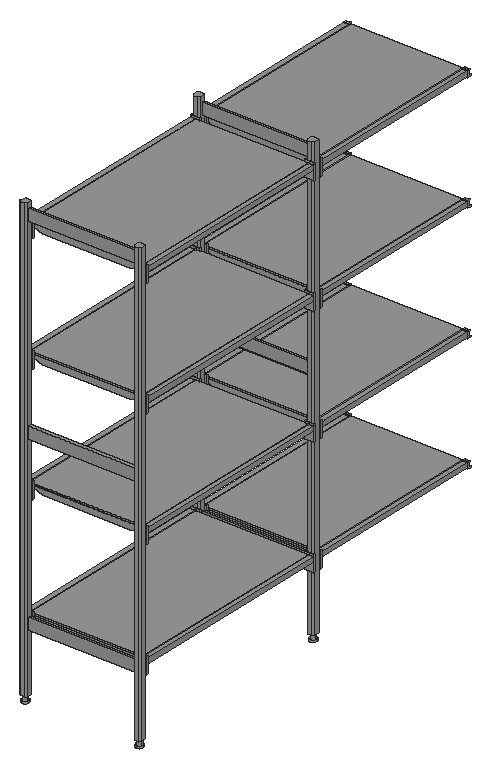
Revit family "QF_ELECTROLUXPROFESSIONAL_137079_CLS1574", category Attrezzature speciali, Revit 2020
Family settings
  Quota connettore circolare = Usa diametro
  Tipo di parte = Normale
  Basato su piano di lavoro = No
  Sempre verticale = Sì
  Taglio con vuoti quando caricato = No
  Condiviso = No
  Punto di calcolo locali = No
Parameters (values of type "Standard")
  Weight = 30.00 kg
  Watts = 0 W
  Volts = 0 V
  URL Manufacturer = "https://www.electroluxprofessional.com/"
  URL = "https://www.electroluxprofessional.com/"
  Steam Supply Size = 0 mm
  Steam Supply Minimum Pressure = 0.0 Pa
  Steam Supply Maximum Pressure = 0.0 Pa
  Steam Consumption per Hour = 0
  Refrigeration Suction Line Size = 0.0 mm
  Refrigeration Liquid Line Size = 0.0 mm
  Refrigerant Compressor Remote = yes
  Prospetto di default = 0.0 mm
  Phase = 0
  Modello = "CLS1574"
  Produttore = "Electrolux Professional"
  Length Actual = 1578.0 mm  # constant formula
  Item Number = "137079"
  Hot Water Size = 0 mm
  Height Actual = 1700.0 mm  # constant formula
  HP = "0 HP"
  Gas Size = 0 mm
  Gas KW = 0
  Gas Input Pressure = 0 W
  Direct Waste Size = 0 mm
  Descrizione = "ALUM.CORNER SHELV.-POLY.TIERS-475X1578MM"
  Depth Actual = 475.0 mm  # constant formula
  Cycle = 0 Hz
  Condensate Return Size = 0 mm
  Compressed Air Volume = 0.0 L/s
  Compressed Air Size = 0 mm
  Compressed Air Pressure = 0.0 Pa
  Cold Water Size = 0 mm
  Accessory = yes
Reference planes
  plane 1: z = 0
  plane 2 "CenterLeft": y = -535.5
  plane 3 "FRONT": y = -921.5
  plane 4 "LEFT": x = 192.5
  plane 5 "RIGHT": x = 667.5
  plane 6 "TOP": z = 1700
  plane 7: y = -889.5
  plane 8: y = -91.5
  plane 9 "Center (Left/Back)": x = 430
  plane 10: x = 256
  plane 11: x = 668
  plane 12 "FEET": z = 25
  plane 13: z = 275
  plane 14: z = 725
  plane 15: z = 1175
  plane 16: z = 1625
  plane 17 "CXLeft": y = -907.5
  plane 18 "Center (Front/Back)": y = -73.5
  plane 19 "CYFront": x = 510
  plane 20: y = 652.5
  plane 21: y = -55.5
  plane 22 "BACK": y = 656.5
  plane 23 "LEFT_ORIGIN": x = 158.5
  plane 24 "BACK_ORIGIN": y = 1131.5
Forms (mm)
  Extrusion 1, solid, material "QF_Aluminum"
    sketch origin (38.022, -921.5, -4.006) x (-1, 0, 0) y (0, 0, 1)
      loop
        line (-189.5, 1637.003) -> (-173.5, 1637.003) -> (-173.5, 1655) -> (-175.493, 1655) -> (-175.493, 1648.501) -> (-608.5, 1648.501) -> (-608.5, 1655) -> (-610.5, 1655) -> (-610.5, 1637.003) -> (-594.5, 1637.003) -> (-560.5, 1625) -> (-223.5, 1625) -> (-189.5, 1637.003)
      loop
        line (-189.5, 1187.003) -> (-173.5, 1187.003) -> (-173.5, 1205) -> (-175.493, 1205) -> (-175.493, 1198.501) -> (-608.5, 1198.501) -> (-608.5, 1205) -> (-610.5, 1205) -> (-610.5, 1187.003) -> (-594.5, 1187.003) -> (-560.5, 1175) -> (-223.5, 1175) -> (-189.5, 1187.003)
      loop
        line (-189.5, 737.003) -> (-173.5, 737.003) -> (-173.5, 755) -> (-175.493, 755) -> (-175.493, 748.501) -> (-608.5, 748.501) -> (-608.5, 755) -> (-610.5, 755) -> (-610.5, 737.003) -> (-594.5, 737.003) -> (-560.5, 725) -> (-223.5, 725) -> (-189.5, 737.003)
      loop
        line (-189.5, 287.003) -> (-173.5, 287.003) -> (-173.5, 305) -> (-175.493, 305) -> (-175.493, 298.501) -> (-608.5, 298.501) -> (-608.5, 305) -> (-610.5, 305) -> (-610.5, 287.003) -> (-594.5, 287.003) -> (-560.5, 275) -> (-223.5, 275) -> (-189.5, 287.003)
    from 37 to 32
  Extrusion 2, solid, material "QF_Aluminum"
    sketch origin (38.022, -921.5, 0) x (-1, 0, 0) y (0, 0, 1)
      loop
        line (-154.478, 246.005) -> (-154.478, 307.993) -> (-190.471, 307.993) -> (-190.471, 246.005) -> (-154.478, 246.005)
      loop
        line (-593.484, 246.005) -> (-593.484, 307.993) -> (-629.478, 307.993) -> (-629.478, 246.005) -> (-593.484, 246.005)
      loop
        line (-154.478, 696.005) -> (-154.478, 757.993) -> (-190.471, 757.993) -> (-190.471, 696.005) -> (-154.478, 696.005)
      loop
        line (-593.484, 696.005) -> (-593.484, 757.993) -> (-629.478, 757.993) -> (-629.478, 696.005) -> (-593.484, 696.005)
      loop
        line (-154.478, 1146.005) -> (-154.478, 1207.993) -> (-190.471, 1207.993) -> (-190.471, 1146.005) -> (-154.478, 1146.005)
      loop
        line (-593.484, 1146.005) -> (-593.484, 1207.993) -> (-629.478, 1207.993) -> (-629.478, 1146.005) -> (-593.484, 1146.005)
      loop
        line (-154.478, 1596.005) -> (-154.478, 1657.993) -> (-190.471, 1657.993) -> (-190.471, 1596.005) -> (-154.478, 1596.005)
      loop
        line (-593.484, 1596.005) -> (-593.484, 1657.993) -> (-629.478, 1657.993) -> (-629.478, 1596.005) -> (-593.484, 1596.005)
    from 28 to 32
  Extrusion 3, solid, material "QF_Aluminum"
    sketch origin (38.022, -921.5, 0) x (-1, 0, 0) y (0, 0, 1)
      loop
        line (-154.5, 1650.994) -> (-173.5, 1650.994) -> (-173.5, 1632.998) -> (-154.5, 1632.998) -> (-154.5, 1650.994)
      loop
        line (-154.5, 1200.994) -> (-173.5, 1200.994) -> (-173.5, 1182.998) -> (-154.5, 1182.998) -> (-154.5, 1200.994)
      loop
        line (-154.5, 750.994) -> (-173.5, 750.994) -> (-173.5, 732.998) -> (-154.5, 732.998) -> (-154.5, 750.994)
      loop
        line (-154.5, 300.994) -> (-173.5, 300.994) -> (-173.5, 282.998) -> (-154.5, 282.998) -> (-154.5, 300.994)
      loop
        line (-629.455, 1650.994) -> (-629.455, 1632.998) -> (-610.455, 1632.998) -> (-610.455, 1650.994) -> (-629.455, 1650.994)
      loop
        line (-629.455, 1200.994) -> (-629.455, 1182.998) -> (-610.455, 1182.998) -> (-610.455, 1200.994) -> (-629.455, 1200.994)
      loop
        line (-629.455, 750.994) -> (-629.455, 732.998) -> (-610.455, 732.998) -> (-610.455, 750.994) -> (-629.455, 750.994)
      loop
        line (-629.455, 300.994) -> (-629.455, 282.998) -> (-610.455, 282.998) -> (-610.455, 300.994) -> (-629.455, 300.994)
    from 32 to 830
  Extrusion 4, solid, material "QF_Polyethylene"
    sketch origin (38.022, -921.5, 0) x (-1, 0, 0) y (0, 0, 1)
      loop
        line (-175.493, 1650.994) -> (-608.5, 1650.994) -> (-608.5, 1644.496) -> (-175.493, 1644.496) -> (-175.493, 1650.994)
      loop
        line (-175.493, 1200.994) -> (-608.5, 1200.994) -> (-608.5, 1194.496) -> (-175.493, 1194.496) -> (-175.493, 1200.994)
      loop
        line (-175.493, 750.994) -> (-608.5, 750.994) -> (-608.5, 744.496) -> (-175.493, 744.496) -> (-175.493, 750.994)
      loop
        line (-175.493, 300.994) -> (-608.5, 300.994) -> (-608.5, 294.496) -> (-175.493, 294.496) -> (-175.493, 300.994)
    from 32 to 830
  Extrusion 5, solid, material "QF_Aluminum"
    sketch origin (38.022, 684.5, 0) x (-1, 0, 0) y (0, 0, 1)
      loop
        line (-154.5, 1650.994) -> (-173.5, 1650.994) -> (-173.5, 1632.998) -> (-154.5, 1632.998) -> (-154.5, 1650.994)
      loop
        line (-610.455, 1650.994) -> (-629.455, 1650.994) -> (-629.455, 1632.998) -> (-610.455, 1632.998) -> (-610.455, 1650.994)
      loop
        line (-154.5, 1200.994) -> (-173.5, 1200.994) -> (-173.5, 1182.998) -> (-154.5, 1182.998) -> (-154.5, 1200.994)
      loop
        line (-610.455, 1200.994) -> (-629.455, 1200.994) -> (-629.455, 1182.998) -> (-610.455, 1182.998) -> (-610.455, 1200.994)
      loop
        line (-154.5, 750.994) -> (-173.5, 750.994) -> (-173.5, 732.998) -> (-154.5, 732.998) -> (-154.5, 750.994)
      loop
        line (-610.455, 750.994) -> (-629.455, 750.994) -> (-629.455, 732.998) -> (-610.455, 732.998) -> (-610.455, 750.994)
      loop
        line (-154.5, 300.994) -> (-173.5, 300.994) -> (-173.5, 282.998) -> (-154.5, 282.998) -> (-154.5, 300.994)
      loop
        line (-610.455, 300.994) -> (-629.455, 300.994) -> (-629.455, 282.998) -> (-610.455, 282.998) -> (-610.455, 300.994)
    from -32 to -740
  Extrusion 6, solid, material "QF_Polyethylene"
    sketch origin (38.022, 684.5, 0) x (-1, 0, 0) y (0, 0, 1)
      loop
        line (-175.493, 1650.994) -> (-608.5, 1650.994) -> (-608.5, 1644.496) -> (-175.493, 1644.496) -> (-175.493, 1650.994)
      loop
        line (-175.493, 1200.994) -> (-608.5, 1200.994) -> (-608.5, 1194.496) -> (-175.493, 1194.496) -> (-175.493, 1200.994)
      loop
        line (-175.493, 750.994) -> (-608.5, 750.994) -> (-608.5, 744.496) -> (-175.493, 744.496) -> (-175.493, 750.994)
      loop
        line (-175.493, 300.994) -> (-608.5, 300.994) -> (-608.5, 294.496) -> (-175.493, 294.496) -> (-175.493, 300.994)
    from -32 to -740
Lines and regions (mm)
  symbolic lines
    curve 1: line (256, -912.5, 1700) -> (668, -912.5, 1700)
    curve 2: line (668, -902.5, 1700) -> (256, -902.5, 1700)
    curve 3: line (192.5, -893.5, 1700) -> (192.5, -87.5, 1700)
    curve 4: line (667.5, -889.5, 1700) -> (667.5, -91.5, 1700)
    curve 5: line (192.5, -59.5, 1700) -> (192.5, 656.5, 1700)
    curve 6: line (667.5, -59.5, 1700) -> (667.5, 656.5, 1700)
    curve 7: line (648.478, -91.5, 1700) -> (648.478, -889.5, 1700)
    curve 8: line (211.522, -889.5, 1700) -> (211.522, -91.5, 1700)
    curve 9: line (211.522, -55.5, 1700) -> (211.522, 652.5, 1700)
    curve 10: line (648.478, 652.5, 1700) -> (648.478, -55.5, 1700)
Dimensions and locks
  plane 3 "FRONT" to plane 2 "CenterLeft" = 386.0 mm
  locked: plane 6 "TOP" to level at 1700
  locked: plane 7 to plane 8 at 798
  locked: plane 10 to plane 11 at 412
  plane 10 to plane 9 "Center (Left/Back)" to plane 11 = 174.0 mm, 238.0 mm
  equal spacing: plane 4 "LEFT", plane 9 "Center (Left/Back)", plane 5 "RIGHT"
  plane 12 "FEET" to level = 25.0 mm
  plane 6 "TOP" to plane 12 "FEET" = 1675.0 mm
  plane 13 to plane 12 "FEET" = 250.0 mm
  plane 14 to plane 13 = 450.0 mm
  plane 15 to plane 14 = 450.0 mm
  plane 16 to plane 15 = 450.0 mm
  locked: plane 21 to plane 20 at 708
  locked: plane 8 to plane 18 "Center (Front/Back)" at 18
  locked: plane 18 "Center (Front/Back)" to plane 21 at 18
  locked: plane 3 "FRONT" to plane 7 at 32
  locked: plane 4 "LEFT" to plane 5 "RIGHT" at 475
  locked: plane 23 "LEFT_ORIGIN" to plane 5 "RIGHT" at 509
  locked: plane 22 "BACK" to plane 24 "BACK_ORIGIN" at 475
  locked: plane 22 "BACK" to plane 3 "FRONT" at 1578
  aligned and locked: level to plane 1
  aligned and locked: Extrusion 1 to plane 7
  aligned and locked: plane 7 to Extrusion 2
  aligned and locked: Extrusion 4 to plane 7
  aligned and locked: plane 8 to Extrusion 4
  aligned and locked: Extrusion 3 to plane 7
  aligned and locked: plane 8 to Extrusion 3
  aligned and locked: Extrusion 1 sketch curve to Extrusion 1 sketch curve  (x3)
  aligned and locked: Extrusion 5 sketch curve to Extrusion 5 sketch curve  (x2)
  aligned and locked: Extrusion 5 to plane 21  (x5)
  aligned and locked: Extrusion 6 to plane 21  (x5)
  aligned and locked: nested 2 to plane 18 "Center (Front/Back)"
  aligned and locked: plane 17 "CXLeft" to nested 1
  aligned and locked: plane 7 to Extrusion 3  (x3)
  aligned and locked: Extrusion 3 to plane 8  (x4)
  aligned and locked: Extrusion 4 to plane 8  (x4)
  aligned and locked: plane 20 to Extrusion 5
  aligned and locked: plane 20 to Extrusion 6
  aligned and locked: Extrusion 5 to plane 20  (x3)
  aligned and locked: Extrusion 6 to plane 20  (x3)
  aligned and locked: plane 9 "Center (Left/Back)" to nested 2
  aligned and locked: nested 3 to plane 22 "BACK"
Automatic sketch dimensions
  Extrusion 1 sketch curve to plane 19 "CYFront" = 138.522 mm  (x4)
  plane 11 to Extrusion 1 sketch curve = 35.478 mm  (x4)
  Extrusion 1 sketch curve to plane 13 = 4.006 mm
  Extrusion 1 sketch curve to Extrusion 1 sketch curve = 34.0 mm  (x4)
  Extrusion 1 sketch curve to plane 14 = 4.006 mm
  Extrusion 1 sketch curve to plane 15 = 4.006 mm
  Extrusion 1 sketch curve to plane 16 = 4.006 mm
  Extrusion 1 sketch curve to plane 10 = 5.522 mm  (x4)
  plane 10 to Extrusion 1 sketch curve = 28.478 mm  (x4)
  plane 13 to Extrusion 1 sketch curve = 7.998 mm  (x2)
  Extrusion 1 sketch curve to Extrusion 1 sketch curve = 11.498 mm  (x4)
  Extrusion 1 sketch curve to Extrusion 1 sketch curve = 6.499 mm  (x8)
  plane 14 to Extrusion 1 sketch curve = 7.998 mm  (x2)
  plane 15 to Extrusion 1 sketch curve = 7.998 mm  (x2)
  plane 16 to Extrusion 1 sketch curve = 7.998 mm  (x2)
  plane 5 "RIGHT" to Extrusion 2 sketch curve = 35.993 mm  (x4)
  Extrusion 2 sketch curve to plane 4 "LEFT" = 0.0 mm  (x4)
  plane 11 to Extrusion 2 sketch curve = 0.5 mm  (x4)
  plane 10 to Extrusion 2 sketch curve = 27.507 mm  (x4)
  Extrusion 2 sketch curve to plane 13 = 28.995 mm  (x2)
  plane 13 to Extrusion 2 sketch curve = 32.993 mm  (x2)
  Extrusion 2 sketch curve to plane 14 = 28.995 mm  (x2)
  plane 14 to Extrusion 2 sketch curve = 32.993 mm  (x2)
  Extrusion 2 sketch curve to plane 15 = 28.995 mm  (x2)
  plane 15 to Extrusion 2 sketch curve = 32.993 mm  (x2)
  Extrusion 2 sketch curve to plane 16 = 28.995 mm  (x2)
  plane 16 to Extrusion 2 sketch curve = 32.993 mm  (x2)
  plane 13 to Extrusion 4 sketch curve = 19.496 mm
  Extrusion 4 sketch curve to Extrusion 4 sketch curve = 6.499 mm  (x4)
  plane 14 to Extrusion 4 sketch curve = 19.496 mm
  plane 15 to Extrusion 4 sketch curve = 19.496 mm
  plane 16 to Extrusion 4 sketch curve = 19.496 mm
  plane 5 "RIGHT" to Extrusion 5 sketch curve = 0.022 mm  (x4)
  Extrusion 5 sketch curve to plane 4 "LEFT" = 19.022 mm  (x4)
  Extrusion 5 sketch curve to plane 19 "CYFront" = 138.478 mm  (x2)
  plane 13 to Extrusion 5 sketch curve = 7.998 mm  (x2)
  Extrusion 5 sketch curve to Extrusion 5 sketch curve = 17.997 mm  (x8)
  plane 14 to Extrusion 5 sketch curve = 7.998 mm  (x2)
  plane 15 to Extrusion 5 sketch curve = 7.998 mm  (x2)
  plane 16 to Extrusion 5 sketch curve = 7.998 mm  (x2)
  Extrusion 6 sketch curve to plane 19 "CYFront" = 136.522 mm  (x4)
  plane 13 to Extrusion 6 sketch curve = 19.496 mm
  Extrusion 6 sketch curve to Extrusion 6 sketch curve = 6.499 mm  (x4)
  plane 14 to Extrusion 6 sketch curve = 19.496 mm
  plane 15 to Extrusion 6 sketch curve = 19.496 mm
  plane 16 to Extrusion 6 sketch curve = 19.496 mm
  plane 5 "RIGHT" to Extrusion 3 sketch curve = 0.022 mm  (x4)
  Extrusion 3 sketch curve to Extrusion 3 sketch curve = 19.0 mm  (x4)
  plane 14 to Extrusion 3 sketch curve = 7.998 mm  (x2)
  plane 10 to Extrusion 3 sketch curve = 44.478 mm  (x4)
  Extrusion 3 sketch curve to plane 4 "LEFT" = 0.022 mm  (x4)
  plane 13 to Extrusion 3 sketch curve = 25.994 mm  (x2)
  plane 13 to Extrusion 3 sketch curve = 7.998 mm  (x2)
  Extrusion 3 sketch curve to Extrusion 3 sketch curve = 17.997 mm  (x6)
  plane 15 to Extrusion 3 sketch curve = 7.998 mm  (x2)
  plane 16 to Extrusion 3 sketch curve = 7.998 mm  (x2)
  plane 10 to Extrusion 1 sketch curve = 42.484 mm  (x4)
  plane 10 to Extrusion 1 sketch curve = 44.478 mm  (x2)
  Extrusion 1 sketch curve to Extrusion 1 sketch curve = 1.993 mm  (x2)
  plane 10 to Extrusion 4 sketch curve = 42.484 mm  (x4)
  Extrusion 5 sketch curve to plane 4 "LEFT" = 0.022 mm  (x4)
  plane 10 to Extrusion 6 sketch curve = 42.484 mm  (x4)
  Extrusion 1 sketch curve to Extrusion 1 sketch curve = 2.0 mm
  plane 5 "RIGHT" to Extrusion 4 sketch curve = 20.978 mm  (x4)
  curve 1 to plane 11 = 0.0 mm
  curve 1 to plane 10 = 0.0 mm
  curve 2 to plane 10 = 0.0 mm
  curve 2 to plane 11 = 0.0 mm
  curve 3 to plane 4 "LEFT" = 0.0 mm
  curve 4 to plane 5 "RIGHT" = 0.0 mm
  plane 7 to curve 4 = 0.0 mm
  plane 7 to curve 8 = 0.0 mm
  plane 8 to curve 8 = 0.0 mm
  plane 8 to curve 7 = 0.0 mm
  plane 8 to curve 4 = 0.0 mm
  curve 5 to plane 4 "LEFT" = 0.0 mm
  curve 6 to plane 5 "RIGHT" = 0.0 mm
  plane 20 to curve 9 = 0.0 mm
  plane 22 "BACK" to curve 5 = 0.0 mm
  plane 22 "BACK" to curve 6 = 0.0 mm
  plane 7 to curve 3 = 4.0 mm
  plane 17 "CXLeft" to curve 2 = 5.0 mm
  curve 1 to plane 17 "CXLeft" = 5.0 mm
  curve 3 to plane 8 = 4.0 mm
  curve 6 to plane 21 = 4.0 mm
  curve 9 to plane 4 "LEFT" = 19.022 mm
  curve 8 to plane 4 "LEFT" = 19.022 mm
  curve 9 to plane 21 = 0.0 mm
  plane 21 to curve 10 = 0.0 mm
  curve 5 to plane 21 = 4.0 mm
  plane 7 to curve 7 = 0.0 mm
  curve 4 to curve 7 = 19.022 mm
  plane 20 to curve 10 = 0.0 mm
  plane 5 "RIGHT" to curve 10 = 19.022 mm
Nested families
  nested 1: "WT_Anta475" at (215.5, -504.5, 0) x (0, 1, 0) z (0, 0, 1), type "WT_Anta475"
  nested 2: "WT_Anta475Center" at (215.5, 329.5, 0) x (0, 1, 0) z (0, 0, 1), type "WT_Anta475Center"
  nested 3: "WT_Aggancio475" at (215.5, 1064.5, 0) x (0, 1, 0) z (0, 0, 1), type "WT_Aggancio475"
Definition of nested family "WT_Anta475"
  Parameters
    WidthLeft = A + 64.0 mm  # 772.0 mm
    Width = 1606.0 mm
    Right = WidthLeft / 2  # 386.0 mm
    Default Elevation = 0.0 mm
    Left = -WidthLeft / 2  # -386.0 mm
    Height = 1725.0 mm
    FEET = 25.0 mm
    E = 0.0 mm
    Dint = Depth - 63.0 mm  # 412.0 mm
    Dext = Depth - 8.0 mm  # 467.0 mm
    Depth = 475.0 mm
    DX = (WidthLeft - A) / 2  # 32.0 mm
    B = 798.0 mm
    A = 708.0 mm
  Reference planes
    plane 1: z = 0
    plane 2 "LEFT": x = -417
    plane 3 "BACK": y = 23
    plane 4 "FRONT": y = -452
    plane 5 "TOP": z = 1725
    plane 6 "Center (Front/Back)": y = -214.5
    plane 7: y = -8.5
    plane 8: y = -420.5
    plane 9 "FEET": z = 25
    plane 10: z = 275
    plane 11: z = 725
    plane 12: z = 1175
    plane 13: z = 1625
    plane 14 "CXLeft": x = -403
    plane 15: y = 5.5
    plane 16 "CYBack": y = 5.5
    plane 17 "CYFront": y = -434.5
    plane 18: x = -385.031
    plane 19: x = -380.031
  Forms (mm)
    Extrusion 1, solid
      sketch origin (0, 0, 0) x (1, 0, 0) y (0, 1, 0)
        loop
          line (-417, 13.246) -> (-417, -2.246) -> (-410.746, -8.5) -> (-395.254, -8.5) -> (-389, -2.246) -> (-389, 13.246) -> (-395.254, 19.5) -> (-410.746, 19.5) -> (-417, 13.246)
      from 1725 to 25
    Extrusion 2, solid
      sketch origin (-417, 0, 0) x (0, 1, 0) y (0, 0, 1)
        loop
          line (23, 246.005) -> (23, 307.993) -> (-12.993, 307.993) -> (-12.993, 246.005) -> (23, 246.005)
        loop
          line (-452, 246.005) -> (-416.007, 246.005) -> (-416.007, 307.993) -> (-452, 307.993) -> (-452, 246.005)
        loop
          line (23, 696.005) -> (23, 757.993) -> (-12.993, 757.993) -> (-12.993, 696.005) -> (23, 696.005)
        loop
          line (-452, 696.005) -> (-416.007, 696.005) -> (-416.007, 757.993) -> (-452, 757.993) -> (-452, 696.005)
        loop
          line (23, 1146.005) -> (23, 1207.993) -> (-12.993, 1207.993) -> (-12.993, 1146.005) -> (23, 1146.005)
        loop
          line (-452, 1146.005) -> (-416.007, 1146.005) -> (-416.007, 1207.993) -> (-452, 1207.993) -> (-452, 1146.005)
        loop
          line (23, 1596.005) -> (23, 1657.993) -> (-12.993, 1657.993) -> (-12.993, 1596.005) -> (23, 1596.005)
        loop
          line (-452, 1596.005) -> (-416.007, 1596.005) -> (-416.007, 1657.993) -> (-452, 1657.993) -> (-452, 1596.005)
      from 28 to 32
    Revolve 3, solid
      sketch origin (-403, 0, 0) x (0, 1, 0) y (0, 0, 1)
        loop
          line (5.5, 25) -> (5.5, 0) -> (19, 0) -> (19, 5) -> (14, 5) -> (14, 25) -> (5.5, 25)
        axis (5.5, 25) -> (5.5, 0)
      angle from 0 to 360
    Extrusion 4, solid
      sketch origin (-403, 0, 0) x (0, 1, 0) y (0, 0, 1)
        loop
          line (-8.5, 912.382) -> (-8.5, 957.374) -> (-420.5, 957.374) -> (-420.5, 912.382) -> (-8.5, 912.382)
        loop
          line (-8.5, 1662.244) -> (-8.5, 1707.236) -> (-420.5, 1707.236) -> (-420.5, 1662.244) -> (-8.5, 1662.244)
      from -5 to 5
    Revolve 5, solid
      sketch origin (-403, -627, 0) x (0, -1, 0) y (0, 0, 1)
        loop
          line (-192.5, 25) -> (-192.5, 0) -> (-179, 0) -> (-179, 5) -> (-184, 5) -> (-184, 25) -> (-192.5, 25)
        axis (-192.5, 25) -> (-192.5, 0)
      angle from 0 to 360
    Extrusion 6, solid
      sketch origin (0, -627, 0) x (1, 0, 0) y (0, 1, 0)
        loop
          line (-417, 184.754) -> (-410.746, 178.5) -> (-395.254, 178.5) -> (-389, 184.754) -> (-389, 200.246) -> (-395.254, 206.5) -> (-410.746, 206.5) -> (-417, 200.246) -> (-417, 184.754)
      from 1725 to 25
    Extrusion 7, solid
      sketch origin (-417.031, -0.022, 0) x (0, 1, 0) y (0, 0, -1)
        loop
          line (-12, -1632.998) -> (-46, -1620.994) -> (-383, -1620.994) -> (-417, -1632.998) -> (-433, -1632.998) -> (-433, -1650.994) -> (-431, -1650.994) -> (-431, -1644.496) -> (2.007, -1644.496) -> (2.007, -1650.994) -> (4, -1650.994) -> (4, -1632.998) -> (-12, -1632.998)
        loop
          line (-12, -1182.998) -> (-46, -1170.994) -> (-383, -1170.994) -> (-417, -1182.998) -> (-433, -1182.998) -> (-433, -1200.994) -> (-431, -1200.994) -> (-431, -1194.496) -> (2.007, -1194.496) -> (2.007, -1200.994) -> (4, -1200.994) -> (4, -1182.998) -> (-12, -1182.998)
        loop
          line (-12, -732.998) -> (-46, -720.994) -> (-383, -720.994) -> (-417, -732.998) -> (-433, -732.998) -> (-433, -750.994) -> (-431, -750.994) -> (-431, -744.496) -> (2.007, -744.496) -> (2.007, -750.994) -> (4, -750.994) -> (4, -732.998) -> (-12, -732.998)
        loop
          line (-12, -282.998) -> (-46, -270.994) -> (-383, -270.994) -> (-417, -282.998) -> (-433, -282.998) -> (-433, -300.994) -> (-431, -300.994) -> (-431, -294.496) -> (2.007, -294.496) -> (2.007, -300.994) -> (4, -300.994) -> (4, -282.998) -> (-12, -282.998)
      from -32 to -37
    Extrusion 8, solid
      sketch origin (-403, 0, -659.878) x (0, 1, 0) y (0, 0, 1)
        loop
          line (-8.5, 912.382) -> (-8.5, 957.374) -> (-420.5, 957.374) -> (-420.5, 912.382) -> (-8.5, 912.382)
        loop
          line (-8.5, 1572.382) -> (-8.5, 1617.374) -> (-420.5, 1617.374) -> (-420.5, 1572.382) -> (-8.5, 1572.382)
        loop
          line (-8.5, 2322.382) -> (-8.5, 2367.374) -> (-420.5, 2367.374) -> (-420.5, 2322.382) -> (-8.5, 2322.382)
      from -5 to 5
  Lines and regions (mm)
    symbolic lines
      curve 1: line (-408, -8.5, 1725) -> (-408, -420.5, 1725)
      curve 2: line (-398, -420.5, 1725) -> (-398, -8.5, 1725)
      curve 3: line (-395.254, -8.5, 1725) -> (-410.746, -8.5, 1725)
      curve 4: line (-417, -2.246, 1725) -> (-410.746, -8.5, 1725)
      curve 5: line (-417, 13.246, 1725) -> (-417, -2.246, 1725)
      curve 6: line (-410.746, 19.5, 1725) -> (-417, 13.246, 1725)
      curve 7: line (-395.254, 19.5, 1725) -> (-410.746, 19.5, 1725)
      curve 8: line (-389, 13.246, 1725) -> (-395.254, 19.5, 1725)
      curve 9: line (-395.254, -8.5, 1725) -> (-389, -2.246, 1725)
      curve 10: line (-395.254, -420.5, 1725) -> (-410.746, -420.5, 1725)
      curve 11: line (-417, -426.754, 1725) -> (-410.746, -420.5, 1725)
      curve 12: line (-410.746, -448.5, 1725) -> (-417, -442.246, 1725)
      curve 13: line (-395.254, -448.5, 1725) -> (-410.746, -448.5, 1725)
      curve 14: line (-389, -442.246, 1725) -> (-395.254, -448.5, 1725)
      curve 15: line (-395.254, -420.5, 1725) -> (-389, -426.754, 1725)
      curve 16: line (-389, -452, 1725) -> (-389, -416.007, 1725)
      curve 17: line (-389, -416.007, 1725) -> (-385, -416.007, 1725)
      curve 18: line (-389, 23, 1725) -> (-389, -12.993, 1725)
      curve 19: line (-389, -12.993, 1725) -> (-385, -12.993, 1725)
      curve 20: line (-417, -426.754, 1725) -> (-417, -442.246, 1725)
      curve 21: line (-385, -452, 1725) -> (-385, -416.007, 1725)
      curve 22: line (-385, -452, 1725) -> (-389, -452, 1725)
      curve 23: line (-385, 23, 1725) -> (-389, 23, 1725)
      curve 24: line (-385, -12.993, 1725) -> (-385, 23, 1725)
      curve 25: line (-385.031, -13.016, 1725) -> (-385.031, -416.029, 1725)
  Dimensions and locks
    "Height": plane 5 "TOP" to level
    "Depth": plane 3 "BACK" to plane 4 "FRONT"
    "Dint": plane 7 to plane 8
    equal spacing: plane 7, plane 6 "Center (Front/Back)", plane 8
    equal spacing: plane 3 "BACK", plane 6 "Center (Front/Back)", plane 4 "FRONT"
    plane 9 "FEET" to level = 25.0 mm
    plane 5 "TOP" to plane 9 "FEET" = 1700.0 mm
    plane 10 to plane 9 "FEET" = 250.0 mm
    plane 11 to plane 10 = 450.0 mm
    plane 12 to plane 11 = 450.0 mm
    plane 13 to plane 12 = 450.0 mm
    locked: plane 2 "LEFT" to plane 14 "CXLeft" at 14
    locked: plane 3 "BACK" to plane 16 "CYBack" at 17.5
    locked: plane 17 "CYFront" to plane 4 "FRONT" at 17.5
    locked: Revolve 3 sketch curve to Revolve 3 sketch curve at 8.5
    locked: Revolve 3 sketch curve to plane 16 "CYBack" at 13.5
    locked: Revolve 5 sketch curve to Revolve 5 sketch curve at 8.5
    aligned and locked: level to plane 1
    aligned and locked: curve 20 to Extrusion 6
    aligned and locked: plane 5 "TOP" to Extrusion 1
    aligned and locked: plane 5 "TOP" to Extrusion 6
    aligned and locked: Extrusion 7 sketch curve to Extrusion 7 sketch curve  (x3)
  Automatic sketch dimensions
    curve 16 to plane 4 "FRONT" = 0.0 mm
    curve 11 to plane 8 = 0.0 mm
    curve 9 to plane 7 = 0.0 mm
    curve 5 to plane 2 "LEFT" = 0.0 mm
    curve 23 to plane 3 "BACK" = 0.0 mm
    plane 4 "FRONT" to curve 13 = 3.5 mm
    curve 20 to plane 17 "CYFront" = 7.746 mm
    curve 20 to plane 8 = 6.254 mm
    plane 8 to curve 16 = 4.493 mm
    curve 24 to plane 18 = 0.031 mm
    curve 24 to plane 7 = 4.493 mm
    plane 7 to curve 5 = 6.254 mm
    curve 5 to plane 15 = 7.746 mm
    curve 6 to plane 3 "BACK" = 3.5 mm
    curve 21 to plane 18 = 0.031 mm
    plane 18 to curve 23 = 3.969 mm
    plane 18 to curve 16 = 3.969 mm
    curve 18 to curve 8 = 6.254 mm
    curve 18 to curve 3 = 6.254 mm
    curve 16 to curve 13 = 6.254 mm
    curve 16 to curve 15 = 6.254 mm
    plane 2 "LEFT" to curve 10 = 6.254 mm
    plane 2 "LEFT" to curve 7 = 6.254 mm
    plane 2 "LEFT" to curve 12 = 6.254 mm
    plane 2 "LEFT" to curve 3 = 6.254 mm
    curve 14 to plane 17 "CYFront" = 7.746 mm
    curve 15 to plane 8 = 6.254 mm
    plane 7 to curve 9 = 6.254 mm
    curve 8 to plane 15 = 7.746 mm
    curve 3 to curve 2 = 2.746 mm
    curve 1 to curve 10 = 2.746 mm
    Extrusion 1 sketch curve to plane 2 "LEFT" = 0.0 mm
    Extrusion 1 sketch curve to plane 7 = 0.0 mm
    plane 2 "LEFT" to Extrusion 1 sketch curve = 6.254 mm  (x2)
    plane 14 "CXLeft" to Extrusion 1 sketch curve = 7.746 mm  (x2)
    Extrusion 1 sketch curve to plane 3 "BACK" = 3.5 mm
    plane 18 to Extrusion 1 sketch curve = 3.969 mm
    plane 7 to Extrusion 1 sketch curve = 6.254 mm  (x2)
    Extrusion 1 sketch curve to plane 15 = 7.746 mm  (x2)
    Extrusion 2 sketch curve to plane 4 "FRONT" = 0.0 mm  (x4)
    Extrusion 2 sketch curve to plane 3 "BACK" = 0.0 mm  (x4)
    plane 8 to Extrusion 2 sketch curve = 4.493 mm  (x4)
    Extrusion 2 sketch curve to plane 7 = 4.493 mm  (x4)
    Extrusion 2 sketch curve to plane 10 = 28.995 mm  (x2)
    plane 10 to Extrusion 2 sketch curve = 32.993 mm  (x2)
    Extrusion 2 sketch curve to plane 11 = 28.995 mm  (x2)
    plane 11 to Extrusion 2 sketch curve = 32.993 mm  (x2)
    Extrusion 2 sketch curve to plane 12 = 28.995 mm  (x2)
    plane 12 to Extrusion 2 sketch curve = 32.993 mm  (x2)
    Extrusion 2 sketch curve to plane 13 = 28.995 mm  (x2)
    plane 13 to Extrusion 2 sketch curve = 32.993 mm  (x2)
    Revolve 3 sketch curve to plane 9 "FEET" = 0.0 mm  (x2)
    Revolve 3 sketch curve to plane 15 = 0.0 mm  (x2)
    Revolve 3 sketch curve to level = 0.0 mm
    level to Revolve 3 sketch curve = 5.0 mm
    Revolve 3 sketch curve to Revolve 3 sketch curve = 11.655 mm
    Extrusion 4 sketch curve to plane 8 = 0.0 mm  (x2)
    Extrusion 4 sketch curve to plane 7 = 0.0 mm  (x2)
    plane 11 to Extrusion 4 sketch curve = 187.382 mm
    Extrusion 4 sketch curve to Extrusion 4 sketch curve = 44.992 mm
    plane 13 to Extrusion 4 sketch curve = 37.244 mm
    Extrusion 4 sketch curve to plane 5 "TOP" = 17.764 mm
    Revolve 5 sketch curve to plane 9 "FEET" = 0.0 mm  (x2)
    Revolve 5 sketch curve to plane 17 "CYFront" = 0.0 mm  (x2)
    Revolve 5 sketch curve to level = 0.0 mm
    Revolve 5 sketch curve to plane 4 "FRONT" = 4.0 mm
    Revolve 5 sketch curve to Revolve 5 sketch curve = 5.0 mm
    level to Revolve 5 sketch curve = 11.655 mm
    Extrusion 6 sketch curve to plane 2 "LEFT" = 0.0 mm
    Extrusion 6 sketch curve to plane 8 = 0.0 mm
    Extrusion 6 sketch curve to plane 2 "LEFT" = 6.254 mm  (x2)
    Extrusion 6 sketch curve to plane 14 "CXLeft" = 7.746 mm  (x2)
    Extrusion 6 sketch curve to plane 4 "FRONT" = 3.5 mm
    Extrusion 6 sketch curve to plane 18 = 3.969 mm
    plane 8 to Extrusion 6 sketch curve = 6.254 mm  (x2)
    plane 17 "CYFront" to Extrusion 6 sketch curve = 7.746 mm  (x2)
    plane 17 "CYFront" to Extrusion 7 sketch curve = 1.478 mm  (x4)
    Extrusion 7 sketch curve to Extrusion 7 sketch curve = 2.0 mm
    plane 8 to Extrusion 7 sketch curve = 3.478 mm  (x4)
    Extrusion 7 sketch curve to plane 10 = 4.006 mm
    Extrusion 7 sketch curve to Extrusion 7 sketch curve = 34.0 mm  (x4)
    Extrusion 7 sketch curve to plane 11 = 4.006 mm
    Extrusion 7 sketch curve to plane 12 = 4.006 mm
    Extrusion 7 sketch curve to plane 13 = 4.006 mm
    Extrusion 7 sketch curve to plane 7 = 37.522 mm  (x4)
    Extrusion 7 sketch curve to plane 7 = 3.522 mm  (x4)
    plane 15 to Extrusion 7 sketch curve = 3.516 mm  (x4)
    plane 15 to Extrusion 7 sketch curve = 1.522 mm  (x4)
    plane 13 to Extrusion 7 sketch curve = 7.998 mm  (x2)
    Extrusion 7 sketch curve to Extrusion 7 sketch curve = 11.498 mm
    Extrusion 7 sketch curve to Extrusion 7 sketch curve = 6.499 mm  (x5)
    plane 12 to Extrusion 7 sketch curve = 25.994 mm  (x2)
    plane 12 to Extrusion 7 sketch curve = 7.998 mm  (x2)
    plane 11 to Extrusion 7 sketch curve = 25.994 mm  (x2)
    plane 11 to Extrusion 7 sketch curve = 7.998 mm  (x2)
    plane 10 to Extrusion 7 sketch curve = 25.994 mm  (x2)
    plane 10 to Extrusion 7 sketch curve = 7.998 mm  (x2)
    curve 25 to plane 18 = 0.0 mm
    plane 8 to curve 25 = 4.471 mm
    curve 25 to plane 7 = 4.516 mm
    Extrusion 8 sketch curve to plane 8 = 0.0 mm  (x3)
    Extrusion 8 sketch curve to plane 7 = 0.0 mm  (x3)
    Extrusion 8 sketch curve to plane 10 = 22.496 mm
    plane 10 to Extrusion 8 sketch curve = 22.496 mm
    plane 11 to Extrusion 8 sketch curve = 187.504 mm
    Extrusion 8 sketch curve to Extrusion 8 sketch curve = 44.992 mm
    plane 13 to Extrusion 8 sketch curve = 37.504 mm
    Extrusion 8 sketch curve to plane 5 "TOP" = 17.504 mm
Definition of nested family "WT_Anta475Center"
  Parameters
    WidthLeft = A + 64.0 mm  # 772.0 mm
    Width = 1606.0 mm
    Right = WidthLeft / 2  # 386.0 mm
    Default Elevation = 0.0 mm
    Left = -WidthLeft / 2  # -386.0 mm
    Height = 1725.0 mm
    FEET = 25.0 mm
    E = 0.0 mm
    Dint = Depth - 63.0 mm  # 412.0 mm
    Dext = Depth - 8.0 mm  # 467.0 mm
    Depth = 475.0 mm
    DX = (WidthLeft - A) / 2  # 32.0 mm
    B = 798.0 mm
    A = 708.0 mm
  Reference planes
    plane 1: z = 0
    plane 2 "L": x = -417
    plane 3 "BACK": y = 23
    plane 4 "FRONT": y = -452
    plane 5 "TOP": z = 1725
    plane 6 "Center (Front/Back)": y = -214.5
    plane 7: y = -8.5
    plane 8: y = -420.5
    plane 9 "FEET": z = 25
    plane 10: z = 275
    plane 11: z = 725
    plane 12: z = 1175
    plane 13: z = 1625
    plane 14 "CXLeft": x = -403
    plane 15: y = 5.5
    plane 16 "CYBack": y = 5.5
    plane 17 "CYFront": y = -434.5
    plane 18: x = -385.031
    plane 19 "RIGHT": x = -380.031
    plane 20: x = -420.969
    plane 21 "LEFT": x = -425.969
  Forms (mm)
    Extrusion 1, solid
      sketch origin (0, 0, 0) x (1, 0, 0) y (0, 1, 0)
        loop
          line (-417, 13.246) -> (-417, -2.246) -> (-410.746, -8.5) -> (-395.254, -8.5) -> (-389, -2.246) -> (-389, 13.246) -> (-395.254, 19.5) -> (-410.746, 19.5) -> (-417, 13.246)
      from 1725 to 25
    Extrusion 2, solid
      sketch origin (-417, 0, 0) x (0, 1, 0) y (0, 0, 1)
        loop
          line (23, 246.005) -> (23, 307.993) -> (-12.993, 307.993) -> (-12.993, 246.005) -> (23, 246.005)
        loop
          line (-452, 246.005) -> (-416.007, 246.005) -> (-416.007, 307.993) -> (-452, 307.993) -> (-452, 246.005)
        loop
          line (23, 696.005) -> (23, 757.993) -> (-12.993, 757.993) -> (-12.993, 696.005) -> (23, 696.005)
        loop
          line (-452, 696.005) -> (-416.007, 696.005) -> (-416.007, 757.993) -> (-452, 757.993) -> (-452, 696.005)
        loop
          line (23, 1146.005) -> (23, 1207.993) -> (-12.993, 1207.993) -> (-12.993, 1146.005) -> (23, 1146.005)
        loop
          line (-452, 1146.005) -> (-416.007, 1146.005) -> (-416.007, 1207.993) -> (-452, 1207.993) -> (-452, 1146.005)
        loop
          line (23, 1596.005) -> (23, 1657.993) -> (-12.993, 1657.993) -> (-12.993, 1596.005) -> (23, 1596.005)
        loop
          line (-452, 1596.005) -> (-416.007, 1596.005) -> (-416.007, 1657.993) -> (-452, 1657.993) -> (-452, 1596.005)
      from 28 to 32
    Revolve 3, solid
      sketch origin (-403, 0, 0) x (0, 1, 0) y (0, 0, 1)
        loop
          line (5.5, 25) -> (5.5, 0) -> (19, 0) -> (19, 5) -> (14, 5) -> (14, 25) -> (5.5, 25)
        axis (5.5, 25) -> (5.5, 0)
      angle from 0 to 360
    Extrusion 4, solid
      sketch origin (-403, 0, 0) x (0, 1, 0) y (0, 0, 1)
        loop
          line (-8.5, 912.382) -> (-8.5, 957.374) -> (-420.5, 957.374) -> (-420.5, 912.382) -> (-8.5, 912.382)
        loop
          line (-8.5, 1662.244) -> (-8.5, 1707.236) -> (-420.5, 1707.236) -> (-420.5, 1662.244) -> (-8.5, 1662.244)
      from -5 to 5
    Revolve 5, solid
      sketch origin (-403, -627, 0) x (0, -1, 0) y (0, 0, 1)
        loop
          line (-192.5, 25) -> (-192.5, 0) -> (-179, 0) -> (-179, 5) -> (-184, 5) -> (-184, 25) -> (-192.5, 25)
        axis (-192.5, 25) -> (-192.5, 0)
      angle from 0 to 360
    Extrusion 6, solid
      sketch origin (0, -627, 0) x (1, 0, 0) y (0, 1, 0)
        loop
          line (-417, 184.754) -> (-410.746, 178.5) -> (-395.254, 178.5) -> (-389, 184.754) -> (-389, 200.246) -> (-395.254, 206.5) -> (-410.746, 206.5) -> (-417, 200.246) -> (-417, 184.754)
      from 1725 to 25
    Extrusion 7, solid
      sketch origin (-417.031, -0.022, 0) x (0, 1, 0) y (0, 0, -1)
        loop
          line (-12, -1632.998) -> (-46, -1620.994) -> (-383, -1620.994) -> (-417, -1632.998) -> (-433, -1632.998) -> (-433, -1650.994) -> (-431, -1650.994) -> (-431, -1644.496) -> (2.007, -1644.496) -> (2.007, -1650.994) -> (4, -1650.994) -> (4, -1632.998) -> (-12, -1632.998)
        loop
          line (-12, -1182.998) -> (-46, -1170.994) -> (-383, -1170.994) -> (-417, -1182.998) -> (-433, -1182.998) -> (-433, -1200.994) -> (-431, -1200.994) -> (-431, -1194.496) -> (2.007, -1194.496) -> (2.007, -1200.994) -> (4, -1200.994) -> (4, -1182.998) -> (-12, -1182.998)
        loop
          line (-12, -732.998) -> (-46, -720.994) -> (-383, -720.994) -> (-417, -732.998) -> (-433, -732.998) -> (-433, -750.994) -> (-431, -750.994) -> (-431, -744.496) -> (2.007, -744.496) -> (2.007, -750.994) -> (4, -750.994) -> (4, -732.998) -> (-12, -732.998)
        loop
          line (-12, -282.998) -> (-46, -270.994) -> (-383, -270.994) -> (-417, -282.998) -> (-433, -282.998) -> (-433, -300.994) -> (-431, -300.994) -> (-431, -294.496) -> (2.007, -294.496) -> (2.007, -300.994) -> (4, -300.994) -> (4, -282.998) -> (-12, -282.998)
      from -32 to -37
    Extrusion 8, solid
      sketch origin (-403, 0, -659.878) x (0, 1, 0) y (0, 0, 1)
        loop
          line (-8.5, 912.382) -> (-8.5, 957.374) -> (-420.5, 957.374) -> (-420.5, 912.382) -> (-8.5, 912.382)
        loop
          line (-8.5, 1572.382) -> (-8.5, 1617.374) -> (-420.5, 1617.374) -> (-420.5, 1572.382) -> (-8.5, 1572.382)
        loop
          line (-8.5, 2322.382) -> (-8.5, 2367.374) -> (-420.5, 2367.374) -> (-420.5, 2322.382) -> (-8.5, 2322.382)
      from -5 to 5
    Extrusion 9, solid
      sketch origin (-389, 0, 0) x (0, 1, 0) y (0, 0, -1)
        loop
          line (23, -246.005) -> (-12.993, -246.005) -> (-12.993, -307.993) -> (23, -307.993) -> (23, -246.005)
        loop
          line (-452, -246.005) -> (-452, -307.993) -> (-416.007, -307.993) -> (-416.007, -246.005) -> (-452, -246.005)
        loop
          line (23, -696.005) -> (-12.993, -696.005) -> (-12.993, -757.993) -> (23, -757.993) -> (23, -696.005)
        loop
          line (-452, -696.005) -> (-452, -757.993) -> (-416.007, -757.993) -> (-416.007, -696.005) -> (-452, -696.005)
        loop
          line (23, -1146.005) -> (-12.993, -1146.005) -> (-12.993, -1207.993) -> (23, -1207.993) -> (23, -1146.005)
        loop
          line (-452, -1146.005) -> (-452, -1207.993) -> (-416.007, -1207.993) -> (-416.007, -1146.005) -> (-452, -1146.005)
        loop
          line (23, -1596.005) -> (-12.993, -1596.005) -> (-12.993, -1657.993) -> (23, -1657.993) -> (23, -1596.005)
        loop
          line (-452, -1596.005) -> (-452, -1657.993) -> (-416.007, -1657.993) -> (-416.007, -1596.005) -> (-452, -1596.005)
      from 28 to 32
    Extrusion 10, solid
      sketch origin (-388.969, -0.022, 0) x (0, 1, 0) y (0, 0, 1)
        loop
          line (-12, 1632.998) -> (4, 1632.998) -> (4, 1650.994) -> (2.007, 1650.994) -> (2.007, 1644.496) -> (-431, 1644.496) -> (-431, 1650.994) -> (-433, 1650.994) -> (-433, 1632.998) -> (-417, 1632.998) -> (-383, 1620.994) -> (-46, 1620.994) -> (-12, 1632.998)
        loop
          line (-12, 1182.998) -> (4, 1182.998) -> (4, 1200.994) -> (2.007, 1200.994) -> (2.007, 1194.496) -> (-431, 1194.496) -> (-431, 1200.994) -> (-433, 1200.994) -> (-433, 1182.998) -> (-417, 1182.998) -> (-383, 1170.994) -> (-46, 1170.994) -> (-12, 1182.998)
        loop
          line (-12, 732.998) -> (4, 732.998) -> (4, 750.994) -> (2.007, 750.994) -> (2.007, 744.496) -> (-431, 744.496) -> (-431, 750.994) -> (-433, 750.994) -> (-433, 732.998) -> (-417, 732.998) -> (-383, 720.994) -> (-46, 720.994) -> (-12, 732.998)
        loop
          line (-12, 282.998) -> (4, 282.998) -> (4, 300.994) -> (2.007, 300.994) -> (2.007, 294.496) -> (-431, 294.496) -> (-431, 300.994) -> (-433, 300.994) -> (-433, 282.998) -> (-417, 282.998) -> (-383, 270.994) -> (-46, 270.994) -> (-12, 282.998)
      from -32 to -37
  Lines and regions (mm)
    symbolic lines
      curve 1: line (-408, -8.5, 1725) -> (-408, -420.5, 1725)
      curve 2: line (-398, -420.5, 1725) -> (-398, -8.5, 1725)
      curve 3: line (-395.254, -8.5, 1725) -> (-410.746, -8.5, 1725)
      curve 4: line (-417, -2.246, 1725) -> (-410.746, -8.5, 1725)
      curve 5: line (-410.746, 19.5, 1725) -> (-417, 13.246, 1725)
      curve 6: line (-395.254, 19.5, 1725) -> (-410.746, 19.5, 1725)
      curve 7: line (-389, 13.246, 1725) -> (-395.254, 19.5, 1725)
      curve 8: line (-395.254, -8.5, 1725) -> (-389, -2.246, 1725)
      curve 9: line (-395.254, -420.5, 1725) -> (-410.746, -420.5, 1725)
      curve 10: line (-417, -426.754, 1725) -> (-410.746, -420.5, 1725)
      curve 11: line (-410.746, -448.5, 1725) -> (-417, -442.246, 1725)
      curve 12: line (-395.254, -448.5, 1725) -> (-410.746, -448.5, 1725)
      curve 13: line (-389, -442.246, 1725) -> (-395.254, -448.5, 1725)
      curve 14: line (-395.254, -420.5, 1725) -> (-389, -426.754, 1725)
      curve 15: line (-389, -452, 1725) -> (-389, -416.007, 1725)
      curve 16: line (-389, -416.007, 1725) -> (-385, -416.007, 1725)
      curve 17: line (-389, 23, 1725) -> (-389, -12.993, 1725)
      curve 18: line (-389, -12.993, 1725) -> (-385, -12.993, 1725)
      curve 19: line (-385, -452, 1725) -> (-385, -416.007, 1725)
      curve 20: line (-385, -452, 1725) -> (-389, -452, 1725)
      curve 21: line (-385, 23, 1725) -> (-389, 23, 1725)
      curve 22: line (-385, -12.993, 1725) -> (-385, 23, 1725)
      curve 23: line (-385.031, -13.016, 1725) -> (-385.031, -416.029, 1725)
      curve 24: line (-417, -452, 1725) -> (-417, -416.007, 1725)
      curve 25: line (-417, -416.007, 1725) -> (-421, -416.007, 1725)
      curve 26: line (-417, 23, 1725) -> (-417, -12.993, 1725)
      curve 27: line (-417, -12.993, 1725) -> (-421, -12.993, 1725)
      curve 28: line (-421, -452, 1725) -> (-421, -416.007, 1725)
      curve 29: line (-421, -452, 1725) -> (-417, -452, 1725)
      curve 30: line (-421, 23, 1725) -> (-417, 23, 1725)
      curve 31: line (-421, -12.993, 1725) -> (-421, 23, 1725)
      curve 32: line (-420.969, -13.016, 1725) -> (-420.969, -416.029, 1725)
  Dimensions and locks
    "Height": plane 5 "TOP" to level
    "Depth": plane 3 "BACK" to plane 4 "FRONT"
    "Dint": plane 7 to plane 8
    equal spacing: plane 7, plane 6 "Center (Front/Back)", plane 8
    equal spacing: plane 3 "BACK", plane 6 "Center (Front/Back)", plane 4 "FRONT"
    plane 9 "FEET" to level = 25.0 mm
    plane 5 "TOP" to plane 9 "FEET" = 1700.0 mm
    plane 10 to plane 9 "FEET" = 250.0 mm
    plane 11 to plane 10 = 450.0 mm
    plane 12 to plane 11 = 450.0 mm
    plane 13 to plane 12 = 450.0 mm
    locked: plane 3 "BACK" to plane 16 "CYBack" at 17.5
    locked: plane 17 "CYFront" to plane 4 "FRONT" at 17.5
    locked: Revolve 3 sketch curve to Revolve 3 sketch curve at 8.5
    locked: Revolve 3 sketch curve to plane 16 "CYBack" at 13.5
    locked: Revolve 5 sketch curve to Revolve 5 sketch curve at 8.5
    aligned and locked: level to plane 1
    aligned and locked: plane 5 "TOP" to Extrusion 1
    aligned and locked: plane 5 "TOP" to Extrusion 6
    aligned and locked: Extrusion 7 sketch curve to Extrusion 7 sketch curve  (x3)
    aligned and locked: Extrusion 10 sketch curve to Extrusion 10 sketch curve  (x3)
  Automatic sketch dimensions
    curve 15 to plane 4 "FRONT" = 0.0 mm
    curve 28 to plane 4 "FRONT" = 0.0 mm
    curve 9 to plane 8 = 0.0 mm
    curve 25 to plane 2 "L" = 0.0 mm
    curve 8 to plane 7 = 0.0 mm
    curve 17 to plane 3 "BACK" = 0.0 mm
    curve 30 to plane 3 "BACK" = 0.0 mm
    plane 4 "FRONT" to curve 11 = 3.5 mm
    curve 19 to plane 18 = 0.031 mm
    plane 8 to curve 19 = 4.493 mm
    plane 8 to curve 25 = 4.493 mm
    curve 27 to plane 20 = 0.031 mm
    curve 27 to plane 7 = 4.493 mm
    curve 17 to plane 7 = 4.493 mm
    curve 5 to plane 15 = 7.746 mm
    curve 7 to plane 3 "BACK" = 3.5 mm
    curve 18 to plane 18 = 0.031 mm
    plane 18 to curve 21 = 3.969 mm
    plane 18 to curve 20 = 3.969 mm
    curve 15 to curve 9 = 6.254 mm
    curve 17 to curve 7 = 6.254 mm
    curve 17 to curve 3 = 6.254 mm
    curve 15 to curve 12 = 6.254 mm
    plane 2 "L" to curve 12 = 6.254 mm
    plane 2 "L" to curve 4 = 6.254 mm
    plane 2 "L" to curve 10 = 6.254 mm
    plane 2 "L" to curve 5 = 6.254 mm
    curve 28 to plane 20 = 0.031 mm
    curve 13 to plane 17 "CYFront" = 7.746 mm
    curve 14 to plane 8 = 6.254 mm
    plane 7 to curve 8 = 6.254 mm
    curve 7 to plane 15 = 7.746 mm
    curve 9 to curve 2 = 2.746 mm
    curve 1 to curve 9 = 2.746 mm
    Extrusion 1 sketch curve to plane 2 "L" = 0.0 mm
    Extrusion 1 sketch curve to plane 7 = 0.0 mm
    plane 2 "L" to Extrusion 1 sketch curve = 6.254 mm  (x2)
    plane 14 "CXLeft" to Extrusion 1 sketch curve = 7.746 mm  (x2)
    Extrusion 1 sketch curve to plane 3 "BACK" = 3.5 mm
    plane 18 to Extrusion 1 sketch curve = 3.969 mm
    plane 7 to Extrusion 1 sketch curve = 6.254 mm  (x2)
    Extrusion 1 sketch curve to plane 15 = 7.746 mm  (x2)
    Extrusion 2 sketch curve to plane 4 "FRONT" = 0.0 mm  (x4)
    Extrusion 2 sketch curve to plane 3 "BACK" = 0.0 mm  (x4)
    plane 8 to Extrusion 2 sketch curve = 4.493 mm  (x4)
    Extrusion 2 sketch curve to plane 7 = 4.493 mm  (x4)
    Extrusion 2 sketch curve to plane 10 = 28.995 mm  (x2)
    plane 10 to Extrusion 2 sketch curve = 32.993 mm  (x2)
    Extrusion 2 sketch curve to plane 11 = 28.995 mm  (x2)
    plane 11 to Extrusion 2 sketch curve = 32.993 mm  (x2)
    Extrusion 2 sketch curve to plane 12 = 28.995 mm  (x2)
    plane 12 to Extrusion 2 sketch curve = 32.993 mm  (x2)
    Extrusion 2 sketch curve to plane 13 = 28.995 mm  (x2)
    plane 13 to Extrusion 2 sketch curve = 32.993 mm  (x2)
    Revolve 3 sketch curve to plane 9 "FEET" = 0.0 mm  (x2)
    Revolve 3 sketch curve to plane 15 = 0.0 mm  (x2)
    Revolve 3 sketch curve to level = 0.0 mm
    level to Revolve 3 sketch curve = 5.0 mm
    Revolve 3 sketch curve to Revolve 3 sketch curve = 11.655 mm
    Extrusion 4 sketch curve to plane 8 = 0.0 mm  (x2)
    Extrusion 4 sketch curve to plane 7 = 0.0 mm  (x2)
    plane 11 to Extrusion 4 sketch curve = 187.382 mm
    Extrusion 4 sketch curve to Extrusion 4 sketch curve = 44.992 mm
    plane 13 to Extrusion 4 sketch curve = 37.244 mm
    Extrusion 4 sketch curve to plane 5 "TOP" = 17.764 mm
    Revolve 5 sketch curve to plane 9 "FEET" = 0.0 mm  (x2)
    Revolve 5 sketch curve to plane 17 "CYFront" = 0.0 mm  (x2)
    Revolve 5 sketch curve to level = 0.0 mm
    Revolve 5 sketch curve to plane 4 "FRONT" = 4.0 mm
    Revolve 5 sketch curve to Revolve 5 sketch curve = 5.0 mm
    level to Revolve 5 sketch curve = 11.655 mm
    Extrusion 6 sketch curve to plane 2 "L" = 0.0 mm
    Extrusion 6 sketch curve to plane 8 = 0.0 mm
    Extrusion 6 sketch curve to plane 2 "L" = 6.254 mm  (x2)
    Extrusion 6 sketch curve to plane 14 "CXLeft" = 7.746 mm  (x2)
    Extrusion 6 sketch curve to plane 4 "FRONT" = 3.5 mm
    Extrusion 6 sketch curve to plane 18 = 3.969 mm
    plane 8 to Extrusion 6 sketch curve = 6.254 mm  (x2)
    plane 17 "CYFront" to Extrusion 6 sketch curve = 7.746 mm  (x2)
    plane 17 "CYFront" to Extrusion 7 sketch curve = 1.478 mm  (x4)
    Extrusion 7 sketch curve to Extrusion 7 sketch curve = 2.0 mm
    plane 8 to Extrusion 7 sketch curve = 3.478 mm  (x4)
    Extrusion 7 sketch curve to plane 10 = 4.006 mm
    Extrusion 7 sketch curve to Extrusion 7 sketch curve = 34.0 mm  (x4)
    Extrusion 7 sketch curve to plane 11 = 4.006 mm
    Extrusion 7 sketch curve to plane 12 = 4.006 mm
    Extrusion 7 sketch curve to plane 13 = 4.006 mm
    Extrusion 7 sketch curve to plane 7 = 37.522 mm  (x4)
    Extrusion 7 sketch curve to plane 7 = 3.522 mm  (x4)
    plane 15 to Extrusion 7 sketch curve = 3.516 mm  (x4)
    plane 15 to Extrusion 7 sketch curve = 1.522 mm  (x4)
    plane 13 to Extrusion 7 sketch curve = 7.998 mm  (x2)
    Extrusion 7 sketch curve to Extrusion 7 sketch curve = 11.498 mm
    Extrusion 7 sketch curve to Extrusion 7 sketch curve = 6.499 mm  (x5)
    plane 12 to Extrusion 7 sketch curve = 25.994 mm  (x2)
    plane 12 to Extrusion 7 sketch curve = 7.998 mm  (x2)
    plane 11 to Extrusion 7 sketch curve = 25.994 mm  (x2)
    plane 11 to Extrusion 7 sketch curve = 7.998 mm  (x2)
    plane 10 to Extrusion 7 sketch curve = 25.994 mm  (x2)
    plane 10 to Extrusion 7 sketch curve = 7.998 mm  (x2)
    curve 23 to plane 18 = 0.0 mm
    curve 32 to plane 20 = 0.0 mm
    plane 8 to curve 23 = 4.471 mm
    plane 8 to curve 32 = 4.471 mm
    curve 32 to plane 7 = 4.516 mm
    curve 23 to plane 7 = 4.516 mm
    Extrusion 8 sketch curve to plane 8 = 0.0 mm  (x3)
    Extrusion 8 sketch curve to plane 7 = 0.0 mm  (x3)
    Extrusion 8 sketch curve to plane 10 = 22.496 mm
    plane 10 to Extrusion 8 sketch curve = 22.496 mm
    plane 11 to Extrusion 8 sketch curve = 187.504 mm
    Extrusion 8 sketch curve to Extrusion 8 sketch curve = 44.992 mm
    plane 13 to Extrusion 8 sketch curve = 37.504 mm
    Extrusion 8 sketch curve to plane 5 "TOP" = 17.504 mm
    Extrusion 9 sketch curve to plane 4 "FRONT" = 0.0 mm  (x4)
    Extrusion 9 sketch curve to plane 3 "BACK" = 0.0 mm  (x4)
    plane 8 to Extrusion 9 sketch curve = 4.493 mm  (x4)
    Extrusion 9 sketch curve to plane 7 = 4.493 mm  (x4)
    plane 13 to Extrusion 9 sketch curve = 32.993 mm  (x2)
    Extrusion 9 sketch curve to plane 13 = 28.995 mm  (x2)
    plane 12 to Extrusion 9 sketch curve = 32.993 mm  (x2)
    Extrusion 9 sketch curve to plane 12 = 28.995 mm  (x2)
    plane 11 to Extrusion 9 sketch curve = 32.993 mm  (x2)
    Extrusion 9 sketch curve to plane 11 = 28.995 mm  (x2)
    plane 10 to Extrusion 9 sketch curve = 32.993 mm  (x2)
    Extrusion 9 sketch curve to plane 10 = 28.995 mm  (x2)
    plane 17 "CYFront" to Extrusion 10 sketch curve = 1.478 mm  (x4)
    Extrusion 10 sketch curve to Extrusion 10 sketch curve = 2.0 mm
    plane 8 to Extrusion 10 sketch curve = 3.478 mm  (x4)
    Extrusion 10 sketch curve to plane 10 = 4.006 mm
    Extrusion 10 sketch curve to Extrusion 10 sketch curve = 34.0 mm  (x4)
    Extrusion 10 sketch curve to plane 11 = 4.006 mm
    Extrusion 10 sketch curve to plane 12 = 4.006 mm
    Extrusion 10 sketch curve to plane 13 = 4.006 mm
    Extrusion 10 sketch curve to plane 7 = 37.522 mm  (x4)
    Extrusion 10 sketch curve to plane 7 = 3.522 mm  (x4)
    plane 15 to Extrusion 10 sketch curve = 3.516 mm  (x4)
    plane 15 to Extrusion 10 sketch curve = 1.522 mm  (x4)
    plane 10 to Extrusion 10 sketch curve = 7.998 mm  (x2)
    Extrusion 10 sketch curve to Extrusion 10 sketch curve = 11.498 mm  (x4)
    Extrusion 10 sketch curve to Extrusion 10 sketch curve = 6.499 mm  (x8)
    plane 11 to Extrusion 10 sketch curve = 7.998 mm  (x2)
    plane 12 to Extrusion 10 sketch curve = 7.998 mm  (x2)
    plane 13 to Extrusion 10 sketch curve = 7.998 mm  (x2)
    curve 4 to plane 2 "L" = 0.0 mm
    plane 7 to curve 4 = 6.254 mm
    curve 11 to plane 17 "CYFront" = 7.746 mm
    curve 10 to plane 8 = 6.254 mm
Definition of nested family "WT_Aggancio475"
  Parameters
    WidthLeft = A + 64.0 mm  # 772.0 mm
    Width = 1606.0 mm
    Right = WidthLeft / 2  # 386.0 mm
    Default Elevation = 0.0 mm
    Left = -WidthLeft / 2  # -386.0 mm
    Height = 1725.0 mm
    FEET = 25.0 mm
    E = 0.0 mm
    Dint = Depth - 63.0 mm  # 412.0 mm
    Dext = Depth - 8.0 mm  # 467.0 mm
    Depth = 475.0 mm
    DX = (WidthLeft - A) / 2  # 32.0 mm
    B = 798.0 mm
    A = 708.0 mm
  Reference planes
    plane 1: z = 0
    plane 2 "LEFT": x = -417
    plane 3 "BACK": y = 23
    plane 4 "FRONT": y = -452
    plane 5 "TOP": z = 1725
    plane 6 "Center (Front/Back)": y = -214.5
    plane 7: y = -8.5
    plane 8: y = -420.5
    plane 9 "FEET": z = 25
    plane 10: z = 275
    plane 11: z = 725
    plane 12: z = 1175
    plane 13: z = 1625
    plane 14: y = 5.5
    plane 15 "CYBack": y = 5.5
    plane 16 "CYFront": y = -434.5
  Forms (mm)
    Extrusion 1, solid
      sketch origin (-380, -0.022, 0) x (0, 1, 0) y (0, 0, 1)
        loop
          line (-12, 1632.998) -> (4, 1632.998) -> (4, 1650.994) -> (2.007, 1650.994) -> (2.007, 1644.496) -> (-431, 1644.496) -> (-431, 1650.994) -> (-433, 1650.994) -> (-433, 1632.998) -> (-417, 1632.998) -> (-383, 1620.994) -> (-46, 1620.994) -> (-12, 1632.998)
        loop
          line (-12, 1182.998) -> (4, 1182.998) -> (4, 1200.994) -> (2.007, 1200.994) -> (2.007, 1194.496) -> (-431, 1194.496) -> (-431, 1200.994) -> (-433, 1200.994) -> (-433, 1182.998) -> (-417, 1182.998) -> (-383, 1170.994) -> (-46, 1170.994) -> (-12, 1182.998)
        loop
          line (-12, 732.998) -> (4, 732.998) -> (4, 750.994) -> (2.007, 750.994) -> (2.007, 744.496) -> (-431, 744.496) -> (-431, 750.994) -> (-433, 750.994) -> (-433, 732.998) -> (-417, 732.998) -> (-383, 720.994) -> (-46, 720.994) -> (-12, 732.998)
        loop
          line (-12, 282.998) -> (4, 282.998) -> (4, 300.994) -> (2.007, 300.994) -> (2.007, 294.496) -> (-431, 294.496) -> (-431, 300.994) -> (-433, 300.994) -> (-433, 282.998) -> (-417, 282.998) -> (-383, 270.994) -> (-46, 270.994) -> (-12, 282.998)
      from -32 to -37
    Extrusion 2, solid
      sketch origin (-793.062, -324.754, 6.5) x (1, 0, 0) y (0, 0, 1)
        loop
          line (385.062, 1644.496) -> (385.062, 1647.496) -> (376.062, 1647.496) -> (376.062, 1620.994) -> (390.031, 1620.994) -> (390.031, 1626.496) -> (381.062, 1626.496) -> (381.062, 1644.496) -> (385.062, 1644.496)
        loop
          line (385.062, 1194.496) -> (385.062, 1197.496) -> (376.062, 1197.496) -> (376.062, 1170.994) -> (390.031, 1170.994) -> (390.031, 1176.496) -> (381.062, 1176.496) -> (381.062, 1194.496) -> (385.062, 1194.496)
        loop
          line (385.062, 744.496) -> (385.062, 747.496) -> (376.062, 747.496) -> (376.062, 720.994) -> (390.031, 720.994) -> (390.031, 726.496) -> (381.062, 726.496) -> (381.062, 744.496) -> (385.062, 744.496)
        loop
          line (385.062, 294.496) -> (385.062, 297.496) -> (376.062, 297.496) -> (376.062, 270.994) -> (390.031, 270.994) -> (390.031, 276.496) -> (381.062, 276.496) -> (381.062, 294.496) -> (385.062, 294.496)
      from 108.268 to 127.246
    Extrusion 3, solid
      sketch origin (-793.062, 32.754, 6.5) x (1, 0, 0) y (0, 0, 1)
        loop
          line (385.062, 1644.496) -> (385.062, 1647.496) -> (376.062, 1647.496) -> (376.062, 1620.994) -> (390.031, 1620.994) -> (390.031, 1626.496) -> (381.062, 1626.496) -> (381.062, 1644.496) -> (385.062, 1644.496)
        loop
          line (385.062, 1194.496) -> (385.062, 1197.496) -> (376.062, 1197.496) -> (376.062, 1170.994) -> (390.031, 1170.994) -> (390.031, 1176.496) -> (381.062, 1176.496) -> (381.062, 1194.496) -> (385.062, 1194.496)
        loop
          line (385.062, 744.496) -> (385.062, 747.496) -> (376.062, 747.496) -> (376.062, 720.994) -> (390.031, 720.994) -> (390.031, 726.496) -> (381.062, 726.496) -> (381.062, 744.496) -> (385.062, 744.496)
        loop
          line (385.062, 294.496) -> (385.062, 297.496) -> (376.062, 297.496) -> (376.062, 270.994) -> (390.031, 270.994) -> (390.031, 276.496) -> (381.062, 276.496) -> (381.062, 294.496) -> (385.062, 294.496)
      from 9.754 to 28.776
  Lines and regions (mm)
    symbolic lines
      curve 1: line (-412, -452, 0) -> (-408, -452, 0)
      curve 2: line (-412, -433.022, 0) -> (-412, -452, 0)
      curve 3: line (-408, -433.022, 0) -> (-412, -433.022, 0)
      curve 4: line (-408, -452, 0) -> (-408, -433.022, 0)
      curve 5: line (-412, 3.978, 0) -> (-408, 3.978, 0)
      curve 6: line (-412, 23, 0) -> (-412, 3.978, 0)
      curve 7: line (-408, 23, 0) -> (-412, 23, 0)
      curve 8: line (-408, 3.978, 0) -> (-408, 23, 0)
  Dimensions and locks
    "Height": plane 5 "TOP" to level
    "Depth": plane 3 "BACK" to plane 4 "FRONT"
    "Dint": plane 7 to plane 8
    equal spacing: plane 7, plane 6 "Center (Front/Back)", plane 8
    equal spacing: plane 3 "BACK", plane 6 "Center (Front/Back)", plane 4 "FRONT"
